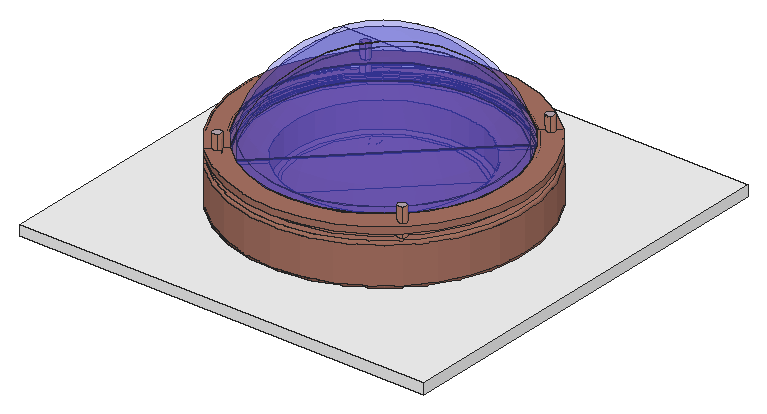
Revit family "BE_31394_de_DE", category Leuchten, Revit 2020
Family settings
  Basisbauteil = Fläche
  Bemaßung runder Anschluss = Durchmesser verwenden
  Teiletyp = Normal
  Beim Laden mit Abzugskörper schneiden = Ja
  Lichtquelle = Ja
  Gemeinsam genutzt = Nein
  Raumberechnungspunkt = Ja
Parameters (values of type "BEGA_31394_K3")
  built-in parameter 1150104 = 18.163 (stored number, unit not read)
  Wattage = 7.7 W
  Default Elevation = 0 mm
  built-in parameter 1150113 = 1 (stored number, unit not read)
  built-in parameter 1114218 = 1 (stored number, unit not read)
  Umgebungstemperatur = "25 °C"
  URL = "https://www.bega.com/de/produkt/31394"
  Typenkommentare = "© 2022 BEGA. Wir behalten uns das Recht vor, technische Änderungen ohne vorherige Ankündigung vorzunehmen."  # constant formula
  built-in parameter 1150134 = (empty or 0)
  built-in parameter 1150109 = 1 (stored number, unit not read)
  Strom = ""
  built-in parameter 1150110 = 1 (stored number, unit not read)
  Spannung = 239.996 V
  Sonderanfertigung = no
  Seriennummer [instance] = "Hier können Sie die eindeutige Seriennummer für das Facility Management eintragen."
  Schutzklasse = "I"
  Schutzart = "IP 64"
  Scheinlast = 0 VA
  Produktdatenblatt = "https://cdn.bega.com/bega/products/31394K3/current/documents/data-sheets/de"
  Oberflächentemperatur = ""
  Neigungswinkel = 0.00°
  Modell = "31394K3"
  Material_31 = BEGA_Oberfläche_Messing_matt
  Material_29 = BEGA_Oberfläche_Kupfer_matt
  Material_17 = BEGA_Reflektor
  Material_15 = BEGA_Leuchtmedium_matt
  Material_11 = BEGA_Glas_opal
  Material_09 = BEGA_Glas_klar
  Material_06 = BEGA_Oberfläche_Edelstahl_gebürstet
  Material_03 = BEGA_Oberfläche_Weiss_matt
  Material_02 = BEGA_Oberfläche_Silber_matt
  Material_01 [instance] = BEGA_Oberfläche_Grafit_matt
  M_W = no
  M_G = no
  M_A = no
  Logo = 0
  built-in parameter 1114217 = 1 (stored number, unit not read)
  built-in parameter 1150139 = (empty or 0)
  built-in parameter 1150105 = 119.79 (stored number, unit not read)
  built-in parameter 1150114 = 1 (stored number, unit not read)
  Lumens = 1505.35 lm
  built-in parameter 1150115 = 1 (stored number, unit not read)
  Leuchtenlichtstrom = "984 lm"
  Leuchtenanzahl = ""
  Lebensdauerkriterien = "L70B50 @ 25 °C = 200000 h"
  Lastklassifizierung = Beleuchtung
  built-in parameter 1150112 = 1 (stored number, unit not read)
  Lampenlichtstrom = "1505 lm"
  Lampe = "LED 7.7 W"
  LED_Modulbezeichnung = "LED-0276/830"
  built-in parameter 1150142 = (empty or 0)
  Hersteller = "BEGA"  # constant formula
  Halbstreuwinkel = ""
  Gewicht = "2.43 kg"
  Gebrauchslageneinschränkung [instance] = ""
  Frequenz = "0/50-60 Hz"
  Farbwiedergabeindex = "CRI > 80"
  Farbtemperaturverschiebung bei Dämpfen der Lampe = <Keine Auswahl>
  Farbtemperatur = "3000 K"
  Color Filter = 16777215
  built-in parameter 1150133 = 10 (stored number, unit not read)
  Energieeffizienzklasse = "LED A++ - A"
  built-in parameter 1150137 = (empty or 0)
  built-in parameter 1150132 = (empty or 0)
  ENEC = "ja"
  Datei für fotometrisches Netz = "BE_31394K3.IES"
  CE_Konformität = "ja"
  Bestellnummer = "31394K3"
  Beschreibung_Sonderanfertigung = "Hier können Sie Informationen zur Sonderanfertigung eintragen."
  Beschreibung = "Decken- und Wandleuchte"
  built-in parameter 1150106 = 1.1979 (stored number, unit not read)
  Befestigungsbohrung = "Ø 5,5 mm"
  Befestigungsabstand = "108 x 108 mm"
  Ballwurfsicher = ""
  BEGA_Intern_aus = yes
  BEGA_Intern_an = yes
  BEGA_Intern_Konstruktion = yes
  BEGA_Intern = yes
  BEGA_IES = yes
  BEGA_Dummy = no
  Anschlussleitung = ""
  Anschlussleistung [instance] = "9.2 W"
  built-in parameter 1150107 = 3000 (stored number, unit not read)
  built-in parameter 1150102 = (empty or 0)
  built-in parameter 1150138 = (empty or 0)
  Aktualisierung = "2022-05-18T04:00:07"
  Abstand_zur_angestrahlten_Fläche [instance] = ""
  AC/DC = "AC/DC"
Reference planes
  plane 1 "Mitte (Vorne/Hinten)": y = 0
  plane 2: z = 0
  plane 3 "Mitte (Links/Rechts)": x = 0
  plane 4 "Links": x = -140
  plane 5 "Rechts": x = 140
  plane 6 "Unten": y = -140
  plane 7 "Oben": y = 139.5
  plane 8 "Vorne": z = 144.647
  plane 9 "Hinten": z = 0
Forms (mm)
  Extrusion 1, solid, material "BEGA_Platte_Weiss"
    sketch origin (0, -1119.2, 0) x (1, 0, 0) y (0, 1, 0)
      loop
        line (-200, 1319.2) -> (-200, 919.2) -> (200, 919.2) -> (200, 1319.2) -> (-200, 1319.2)
    from 0 to -10
  Extrusion 2, solid, material "BEGA_Dummy_matt", visible <- "BEGA_Dummy"
    sketch origin (77.149, -76.023, 0) x (1, 0, 0) y (0, 1, 0)
      loop
        circle (-77.149, 76.023) r 140
    from 0 to 144.647
Dimensions and locks
  plane 1 "Mitte (Vorne/Hinten)" to Extrusion 1 = 200 mm
  aligned and locked: plane 2 to Extrusion 1
  aligned and locked: level to Extrusion 1
Nested families
  nested 1: "BE_31394" at (0, 0, 0) x (0.7071, -0.7071, 0) z (0, 0, 1), type "BE_31394"
Connectors
  electrical at (0, 0, 0), driven by "Lastklassifizierung", driven by "Spannung", driven by "Scheinlast"
    settings: index 1, voltage 239.996 V, apparent load 0 VA, apparent load phase1 0 VA, apparent load phase2 0 VA, apparent load phase3 0 VA, power factor 1, load classification "Beleuchtung", number of poles 1, system type 31, power factor state 1, is connector primary yes, connector utility no, sub classification motor no, connector description ""
Definition of nested family "BE_31394"
  Parameters (values of type "BE_31394")
    Default Elevation = 1 mm
    URL = "http://www.bega.de/de/produkt"
    Type Comments = "© 2015 BEGA. Wir behalten uns das Recht vor, technische Änderungen ohne vorherige Ankündigung vorzunehmen. "  # constant formula
    Type Image = (empty or 0)
    Neigungswinkel_um_Z2 = 0.00°
    Neigungswinkel_um_Z1 = 0.00°
    Neigungswinkel_um_Y2 = 0.00°
    Neigungswinkel_um_Y1 = 0.00°
    Neigungswinkel_um_X2 = 0.00°
    Neigungswinkel_um_X1 = 0.00°
    Material_31 = none
    Material_29 = none
    Material_17 = none
    Material_15 = none
    Material_11 = none
    Material_09 = none
    Material_06 = none
    Material_02 = none
    Material_01 = none
    M_W = yes
    M_G = yes
    M_A = yes
    Länge_Platte = 200 mm  # constant formula
    Höhe_Platte = -10 mm  # constant formula
    Manufacturer = "BEGA"  # constant formula
    Drehwinkel_um_Z2 = 0.00°
    Drehwinkel_um_Z1 = 0.00°
    Breite_Platte = 200 mm  # constant formula
  Reference planes
    plane 1 "Mitte (Oben/Unten)": y = 0
    plane 2: z = 0
    plane 3 "Mitte (Links/Rechts)": x = 0
    plane 4 "Vorne": z = 144.647
    plane 5 "Hinten": z = -40
    plane 6 "Links": x = -140
    plane 7 "Rechts": x = 140
    plane 8 "Oben": y = 139.5
    plane 9: y = -140
  Forms (mm)
    Extrusion 1, solid, detail levels medium
      sketch origin (0, 0, 0) x (1, 0, 0) y (0, 1, 0)
        loop
          line (-100, 100) -> (-100, -100) -> (100, -100) -> (100, 100) -> (-100, 100)
      from 0 to -10 <- "Höhe_Platte"
    Revolve 2, solid, material <- "Material_11"
      sketch origin (0, 0, 0) x (0, 1, 0) y (0, 0, 1)
        loop
          line (0, 140.43) -> (0, 144.431)
          arc (0, 144.431) -> (-73.84, 121.375) -> (-119.25, 58.75) r 122.811
          line (-119.25, 58.75) -> (-119.25, 57.75) -> (-121.15, 57.75)
          arc (-121.15, 57.75) -> (-121.845, 57.469) -> (-122.15, 56.784) r 1
          line (-122.15, 56.784) -> (-122.464, 47.784)
          arc (-122.464, 47.784) -> (-122.183, 47.055) -> (-121.464, 46.75) r 1
          line (-121.464, 46.75) -> (-118.366, 46.75)
          arc (-118.366, 46.75) -> (-118.366, 45.75) -> (-117.5, 45.25) r 1
          line (-117.5, 45.25) -> (0, 45.25) -> (0, 46.25) -> (-114, 46.25) -> (-114, 61.794)
          arc (-114, 61.794) -> (-69.642, 119.439) -> (0, 140.43) r 118.811
        axis (0, 144.431) -> (0, 45.25)
      angle from 0 to 360
    Revolve 3, solid, material <- "Material_29"
      sketch origin (0, 0, 0) x (0, 1, 0) y (0, 0, 1)
        loop
          line (-139, 6.75) -> (-139, 42.75)
          arc (-139, 42.75) -> (-138.561, 43.811) -> (-137.5, 44.25) r 1.5
          line (-137.5, 44.25) -> (-130.769, 44.25) -> (-120.5, 44.25) -> (-120.5, 41.75) -> (-109.489, 41.75) -> (-90.014, 41.75) -> (-90.014, 16.49)
          arc (-90.014, 16.49) -> (-87.681, 14.835) -> (-84.881, 14.25) r 7
          line (-84.881, 14.25) -> (-81.995, 14.25) -> (0, 14.25) -> (0, 15.25) -> (-81.991, 15.25) -> (-84.881, 15.25)
          arc (-84.881, 15.25) -> (-87.281, 15.751) -> (-89.281, 17.17) r 6
          line (-89.281, 17.17) -> (-89.281, 42.75) -> (-116.055, 42.75) -> (-119.5, 42.75) -> (-119.5, 45.25) -> (-130.629, 45.25) -> (-137.5, 45.25)
          arc (-137.5, 45.25) -> (-139.268, 44.518) -> (-140, 42.75) r 2.5
          line (-140, 42.75) -> (-140, 6.75)
          arc (-140, 6.75) -> (-139.268, 4.982) -> (-137.5, 4.25) r 2.5
          line (-137.5, 4.25) -> (-136, 4.25) -> (-136, 5.25) -> (-137.5, 5.25)
          arc (-137.5, 5.25) -> (-138.561, 5.689) -> (-139, 6.75) r 1.5
        loop
          line (-119.65, 58.75) -> (-139.5, 58.75) -> (-139.5, 52.75) -> (-138.5, 52.75) -> (-138.5, 57.75) -> (-119.65, 57.75) -> (-119.65, 58.75)
        axis (0, 58.75) -> (0, 4.25)
      angle from 0 to 360
    Extrusion 4, solid, material <- "Material_31"
      sketch origin (0, 0, 0) x (1, 0, 0) y (0, 1, 0)
        loop
          circle (76.5, 0) r 7.082
        loop
          circle (-76.5, 0) r 7.082
        loop
          circle (76.5, 0) r 2.75
        loop
          circle (-76.5, 0) r 2.75
      from 0 to 14.447
    Extrusion 5, solid, material <- "Material_31"
      sketch origin (0, 0, 0) x (1, 0, 0) y (0, 1, 0)
        loop
          circle (0, 129.5) r 4
        loop
          circle (129.5, 0) r 4
        loop
          circle (0, -129.5) r 4
        loop
          circle (-129.5, 0) r 4
      from 45.505 to 72.363
    Extrusion 6, void
      sketch origin (0, 0, 0) x (1, 0, 0) y (0, 1, 0)
        loop
          circle (32, -63) r 10
      from 0 to 27.759
  Cuts and joins
    Extrusion 6 cuts Extrusion 4
    Extrusion 6 cuts Extrusion 5
    joined: Extrusion 4, Extrusion 5
    Extrusion 6 cuts Revolve 2
    Extrusion 6 cuts Revolve 3
  Dimensions and locks
    equal spacing: Extrusion 1 sketch curve, plane 3 "Mitte (Links/Rechts)", Extrusion 1 sketch curve
    equal spacing: Extrusion 1 sketch curve, plane 1 "Mitte (Oben/Unten)", Extrusion 1 sketch curve
    "Länge_Platte": Extrusion 1 sketch curve to Extrusion 1 sketch curve
    "Breite_Platte": Extrusion 1 sketch curve to Extrusion 1 sketch curve
    aligned and locked: plane 2 to Extrusion 1
    aligned and locked: level to Extrusion 1
  Automatic sketch dimensions
    Revolve 3 sketch curve to Revolve 3 sketch curve = 0 mm  (x28)
    Revolve 3 sketch curve to plane 1 "Mitte (Oben/Unten)" = 0 mm  (x2)
    plane 1 "Mitte (Oben/Unten)" to Revolve 3 sketch curve = 84.881 mm
    Revolve 3 sketch curve to Revolve 3 sketch curve = 4.4 mm
    Revolve 3 sketch curve to Revolve 3 sketch curve = 0.733 mm
    Revolve 3 sketch curve to Revolve 3 sketch curve = 19.475 mm
    Revolve 3 sketch curve to Revolve 3 sketch curve = 3.445 mm
    Revolve 3 sketch curve to Revolve 3 sketch curve = 1 mm  (x9)
    Revolve 3 sketch curve to Revolve 3 sketch curve = 10.129 mm
    Revolve 3 sketch curve to Revolve 3 sketch curve = 0.14 mm
    level to Revolve 3 sketch curve = 5.25 mm
    Revolve 3 sketch curve to Revolve 3 sketch curve = 5.231 mm
    Revolve 3 sketch curve to Revolve 3 sketch curve = 1.5 mm  (x6)
    Revolve 3 sketch curve to Revolve 3 sketch curve = 6.731 mm
    level to Revolve 3 sketch curve = 14.25 mm
    Revolve 3 sketch curve to Revolve 3 sketch curve = 4.76 mm
    Revolve 3 sketch curve to Revolve 3 sketch curve = 0.68 mm
    Revolve 3 sketch curve to Revolve 3 sketch curve = 20.5 mm
    Revolve 3 sketch curve to Revolve 3 sketch curve = 2.887 mm
    Revolve 3 sketch curve to Revolve 3 sketch curve = 0.003 mm
    Revolve 3 sketch curve to Revolve 3 sketch curve = 2.89 mm
    Revolve 3 sketch curve to Revolve 3 sketch curve = 8.602 mm
    Revolve 3 sketch curve to Revolve 3 sketch curve = 45 mm
    Revolve 3 sketch curve to Revolve 3 sketch curve = 6.567 mm
    Revolve 3 sketch curve to Revolve 3 sketch curve = 2 mm
    Revolve 3 sketch curve to Revolve 3 sketch curve = 13.5 mm
    Revolve 3 sketch curve to Revolve 3 sketch curve = 19.85 mm
    Revolve 3 sketch curve to Revolve 3 sketch curve = 6 mm
    Extrusion 4 sketch curve to Extrusion 4 sketch curve = 0 mm  (x4)
    plane 1 "Mitte (Oben/Unten)" to Extrusion 4 sketch curve = 0 mm  (x2)
    Extrusion 4 sketch curve to plane 3 "Mitte (Links/Rechts)" = 76.5 mm
    plane 3 "Mitte (Links/Rechts)" to Extrusion 4 sketch curve = 76.5 mm
    Revolve 2 sketch curve to Revolve 2 sketch curve = 0 mm  (x2)
    Revolve 2 sketch curve to plane 1 "Mitte (Oben/Unten)" = 0 mm  (x3)
    plane 1 "Mitte (Oben/Unten)" to Revolve 2 sketch curve = 2.18 mm
    level to Revolve 2 sketch curve = 61.794 mm
    Revolve 2 sketch curve to Revolve 2 sketch curve = 3.5 mm
    Revolve 2 sketch curve to Revolve 2 sketch curve = 0.866 mm
    Revolve 2 sketch curve to Revolve 2 sketch curve = 5.25 mm
    Revolve 2 sketch curve to Revolve 2 sketch curve = 1.9 mm
    Revolve 2 sketch curve to Revolve 2 sketch curve = 3.098 mm
    level to Revolve 2 sketch curve = 56.784 mm
    Revolve 2 sketch curve to Revolve 2 sketch curve = 0.999 mm  (x2)
    level to Revolve 2 sketch curve = 47.784 mm
    Revolve 2 sketch curve to Revolve 2 sketch curve = 0.034 mm  (x2)
    level to Revolve 2 sketch curve = 46.25 mm
    Revolve 2 sketch curve to Revolve 2 sketch curve = 0.5 mm
    level to Revolve 2 sketch curve = 21.639 mm
    Revolve 2 sketch curve to Revolve 2 sketch curve = 1 mm
    Revolve 2 sketch curve to Revolve 2 sketch curve = 18.984 mm
    Revolve 2 sketch curve to Revolve 2 sketch curve = 7.029 mm
    plane 1 "Mitte (Oben/Unten)" to Revolve 2 sketch curve = 114 mm
    radius of Extrusion 4 sketch curve = 7.082 mm  (x2)
    radius of Extrusion 4 sketch curve = 2.75 mm  (x2)
